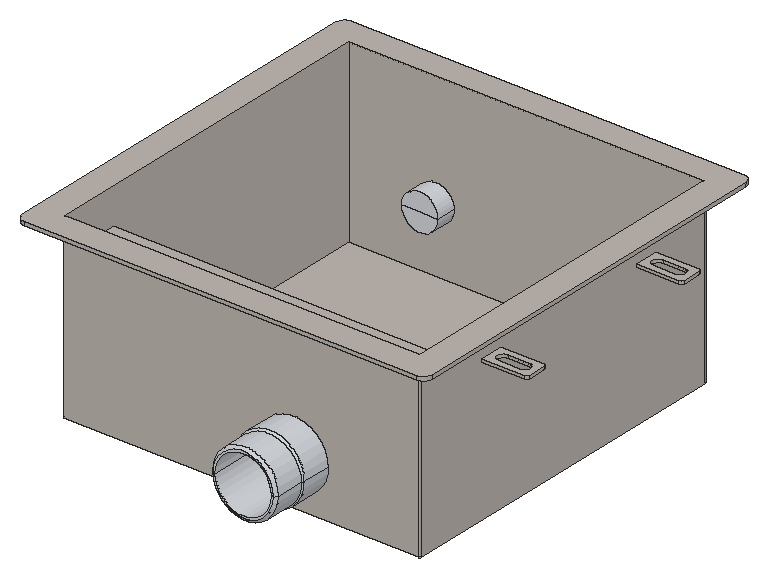
Revit family "MI-DIAL-LD", category Pipe Accessories, host Face, Revit 2018
Family settings
  Host = Face
  Round Connector Dimension = Use Diameter
  Part Type = Normal
  Cut with Voids When Loaded = No
  Shared = No
Parameters
  URL = "www.mifab.com"
  Model = "MI-DIAL-LD"
  Manufacturer = "MIFAB"
  Description = "STAINLESS STEEL SUPPLY & WASTE DIALYSIS BOX WITH ONE VALVE (NO DOOR)"
  Default Elevation = 4' - 0"
Reference planes (in)
  plane 1 "Center (Front/Back)": y = 0
  plane 2: z = 0
  plane 3 "Center (Left/Right)": x = 0
  plane 4: x = -6.875
  plane 5: x = 6.875
  plane 6: y = 6.875
  plane 7: y = -6.875
  plane 8: x = -6
  plane 9: x = 6
  plane 10: y = 6
  plane 11: y = -6
  plane 12: z = 0.03906
  plane 13: x = 0.76141
  plane 14: x = 2.35719
  plane 15: y = 0.09416
  plane 16: y = -0.09416
  plane 17: y = -4.37545
  plane 18: y = 4.3125
  plane 19: x = 1.5601
  plane 20: y = 6.625
  plane 21: y = -3.96094
Forms (in)
  Extrusion 1, solid, material "Box Material"
    sketch origin (0, 0, -4.791) x (1, 0, 0) y (0, 1, 0)
      loop
        arc (-6.875, -6.57732) -> (-6.78781, -6.78781) -> (-6.57732, -6.875) r 0.29768
        line (-6.57732, -6.875) -> (6.57813, -6.875)
        arc (6.57813, -6.875) -> (6.78805, -6.78805) -> (6.875, -6.57813) r 0.29688
        line (6.875, -6.57813) -> (6.875, 6.56627)
        arc (6.875, 6.56627) -> (6.78458, 6.78458) -> (6.56627, 6.875) r 0.30873
        line (6.56627, 6.875) -> (-6.56627, 6.875)
        arc (-6.56627, 6.875) -> (-6.78458, 6.78458) -> (-6.875, 6.56627) r 0.30873
        line (-6.875, 6.56627) -> (-6.875, -6.57732)
      loop
        arc (-5.94945, 6) -> (-5.98519, 5.98519) -> (-6, 5.94945) r 0.05055
        line (-6, 5.94945) -> (-6, -5.94922)
        arc (-6, -5.94922) -> (-5.98513, -5.98513) -> (-5.94922, -6) r 0.05078
        line (-5.94922, -6) -> (5.94922, -6)
        arc (5.94922, -6) -> (5.98513, -5.98513) -> (6, -5.94922) r 0.05078
        line (6, -5.94922) -> (6, 5.94922)
        arc (6, 5.94922) -> (5.98513, 5.98513) -> (5.94922, 6) r 0.05078
        line (5.94922, 6) -> (-5.94945, 6)
    from 5.95175 to 6.0625
  Extrusion 2, solid, material "Box Material"
    sketch origin (0, 0, -4.791) x (1, 0, 0) y (0, 1, 0)
      loop
        arc (6, 5.94922) -> (5.98513, 5.98513) -> (5.94922, 6) r 0.05078
        line (5.94922, 6) -> (-5.94945, 6)
        arc (-5.94945, 6) -> (-5.98519, 5.98519) -> (-6, 5.94945) r 0.05055
        line (-6, 5.94945) -> (-6, -5.94922)
        arc (-6, -5.94922) -> (-5.98513, -5.98513) -> (-5.94922, -6) r 0.05078
        line (-5.94922, -6) -> (5.94922, -6)
        arc (5.94922, -6) -> (5.98513, -5.98513) -> (6, -5.94922) r 0.05078
        line (6, -5.94922) -> (6, 5.94922)
      loop
        line (-5.96094, 5.96156) -> (-5.96094, -5.96094) -> (5.96094, -5.96094) -> (5.96094, 5.96156) -> (-5.96094, 5.96156)
    from 0.03906 to 6.0625
  Extrusion 3, solid, material "Box Material"
    sketch origin (0, 0, -4.791) x (1, 0, 0) y (0, 1, 0)
      loop
        line (-6, 5.94945) -> (-6, -5.94922)
        arc (-6, -5.94922) -> (-5.98513, -5.98513) -> (-5.94922, -6) r 0.05078
        line (-5.94922, -6) -> (5.94922, -6)
        arc (5.94922, -6) -> (5.98513, -5.98513) -> (6, -5.94922) r 0.05078
        line (6, -5.94922) -> (6, 5.94922)
        arc (6, 5.94922) -> (5.98513, 5.98513) -> (5.94922, 6) r 0.05078
        line (5.94922, 6) -> (-5.94945, 6)
        arc (-5.94945, 6) -> (-5.98519, 5.98519) -> (-6, 5.94945) r 0.05055
    from 0 to 0.03906
  Extrusion 4, solid, material "Box Material"
    sketch origin (0, 0, -4.791) x (1, 0, 0) y (0, 1, 0)
      loop
        line (6, 3.84196) -> (6, 3.03435) -> (7.46993, 3.03435)
        arc (7.46993, 3.03435) -> (7.53919, 3.06304) -> (7.56788, 3.1323) r 0.09795
        line (7.56788, 3.1323) -> (7.56788, 3.7443)
        arc (7.56788, 3.7443) -> (7.53928, 3.81335) -> (7.47022, 3.84196) r 0.09766
        line (7.47022, 3.84196) -> (6, 3.84196)
      loop
        arc (7.17644, 3.24703) -> (7.36771, 3.4383) -> (7.17644, 3.62957) r 0.19127
        line (7.17644, 3.62957) -> (6.43294, 3.62957)
        arc (6.43294, 3.62957) -> (6.24167, 3.4383) -> (6.43294, 3.24703) r 0.19127
        line (6.43294, 3.24703) -> (7.17644, 3.24703)
      loop
        line (-6, 3.84196) -> (-7.47022, 3.84196)
        arc (-7.47022, 3.84196) -> (-7.53928, 3.81335) -> (-7.56788, 3.7443) r 0.09766
        line (-7.56788, 3.7443) -> (-7.56788, 3.1323)
        arc (-7.56788, 3.1323) -> (-7.53919, 3.06304) -> (-7.46993, 3.03435) r 0.09795
        line (-7.46993, 3.03435) -> (-6, 3.03435) -> (-6, 3.84196)
      loop
        line (-7.17644, 3.24703) -> (-6.43294, 3.24703)
        arc (-6.43294, 3.24703) -> (-6.24167, 3.4383) -> (-6.43294, 3.62957) r 0.19127
        line (-6.43294, 3.62957) -> (-7.17644, 3.62957)
        arc (-7.17644, 3.62957) -> (-7.36771, 3.4383) -> (-7.17644, 3.24703) r 0.19127
      loop
        line (6, -2.65804) -> (6, -3.46565) -> (7.46993, -3.46565)
        arc (7.46993, -3.46565) -> (7.53919, -3.43696) -> (7.56788, -3.3677) r 0.09795
        line (7.56788, -3.3677) -> (7.56788, -2.7557)
        arc (7.56788, -2.7557) -> (7.53928, -2.68665) -> (7.47022, -2.65804) r 0.09766
        line (7.47022, -2.65804) -> (6, -2.65804)
      loop
        arc (7.17644, -3.25297) -> (7.36771, -3.0617) -> (7.17644, -2.87043) r 0.19127
        line (7.17644, -2.87043) -> (6.43294, -2.87043)
        arc (6.43294, -2.87043) -> (6.24167, -3.0617) -> (6.43294, -3.25297) r 0.19127
        line (6.43294, -3.25297) -> (7.17644, -3.25297)
      loop
        line (-6, -2.65804) -> (-7.47022, -2.65804)
        arc (-7.47022, -2.65804) -> (-7.53928, -2.68665) -> (-7.56788, -2.7557) r 0.09766
        line (-7.56788, -2.7557) -> (-7.56788, -3.3677)
        arc (-7.56788, -3.3677) -> (-7.53919, -3.43696) -> (-7.46993, -3.46565) r 0.09795
        line (-7.46993, -3.46565) -> (-6, -3.46565) -> (-6, -2.65804)
      loop
        line (-7.17644, -3.25297) -> (-6.43294, -3.25297)
        arc (-6.43294, -3.25297) -> (-6.24167, -3.0617) -> (-6.43294, -2.87043) r 0.19127
        line (-6.43294, -2.87043) -> (-7.17644, -2.87043)
        arc (-7.17644, -2.87043) -> (-7.36771, -3.0617) -> (-7.17644, -3.25297) r 0.19127
    from 4.791 to 4.875
  Revolve 5, solid
    sketch origin (-17.5625, 0, -2.541) x (1, 0, 0) y (0, 1, 0)
      loop
        line (15.125, 6.625) -> (14.5138, 6.625) -> (14.5138, 5.30674) -> (15.125, 5.30674) -> (15.125, 6.625)
      axis (14.5138, 5.30674) -> (14.5138, 6.625)
    angle from 0 to 360
  Extrusion 6, solid, material "Box Material"
    sketch origin (0, 0, -4.791) x (1, 0, 0) y (0, 1, 0)
      loop
        line (5.96094, -3.96094) -> (-5.96094, -3.96094) -> (-5.96094, -5.96094) -> (5.96094, -5.96094) -> (5.96094, -3.96094)
    from 4.791 to 4.875
  Extrusion 7, void
    sketch origin (5.94922, 6, -4.791) x (1, 0, 0) y (0, 0, 1)
      loop
        circle (-8.99792, 2.25) r 0.6112
    from 0 to 0.03844
  Extrusion 8, void
    sketch origin (0, 0, 0) x (1, 0, 0) y (0, 1, 0)
      loop
        arc (-5.94945, 6) -> (-5.98519, 5.98519) -> (-6, 5.94945) r 0.05055
        line (-6, 5.94945) -> (-6, -5.94922)
        arc (-6, -5.94922) -> (-5.98513, -5.98513) -> (-5.94922, -6) r 0.05078
        line (-5.94922, -6) -> (5.94922, -6)
        arc (5.94922, -6) -> (5.98513, -5.98513) -> (6, -5.94922) r 0.05078
        line (6, -5.94922) -> (6, 5.94922)
        arc (6, 5.94922) -> (5.98513, 5.98513) -> (5.94922, 6) r 0.05078
        line (5.94922, 6) -> (-5.94945, 6)
    from -4.791 to 0
Cuts and joins
  Extrusion 7 cuts Extrusion 2
  joined: Extrusion 1, Extrusion 2, Extrusion 3
  Extrusion 7 cuts Revolve 5
Dimensions and locks (in)
  equal spacing: plane 4, plane 3 "Center (Left/Right)", plane 5
  plane 4 to plane 5 = 1' - 1 3/4"
  equal spacing: plane 7, plane 1 "Center (Front/Back)", plane 6
  locked: plane 7 to plane 6 at 13.75
  equal spacing: plane 8, plane 3 "Center (Left/Right)", plane 9
  plane 8 to plane 9 = 1' - 0"
  equal spacing: plane 10, plane 1 "Center (Front/Back)", plane 11
  plane 10 to plane 11 = 1' - 0"
  locked: plane 12 to plane 2 at 0.03906
  locked: plane 10 to plane 20 at 0.625
  Extrusion 6 to cut or joined group of Extrusion 1, Extrusion 2, Extrusion 3, Extrusion 7 = 0' - 2"
  aligned and locked: plane 2 to host face
  aligned and locked: level to host face
  aligned and locked: Extrusion 3 sketch curve to Extrusion 2  (x4)
  aligned and locked: Extrusion 7 sketch curve to Revolve 5  (x2)
  aligned and locked: Extrusion 7 to Extrusion 1
  aligned and locked: Extrusion 2 to Extrusion 7
  aligned and locked: Extrusion 8 sketch curve to cut or joined group of Extrusion 1, Extrusion 2, Extrusion 3, Extrusion 7  (x4)
  aligned and locked: Extrusion 8 to Extrusion 3
  aligned and locked: level to Extrusion 8
Automatic sketch dimensions
  host sketch curve to host sketch curve = 8' - 0"  (x2)
  Extrusion 2 sketch curve to Extrusion 2 sketch curve = 0' - 0.01149"
  Extrusion 2 sketch curve to Extrusion 2 sketch curve = 0' - 0 3/256"  (x4)
  Extrusion 2 sketch curve to Extrusion 2 sketch curve = 0' - 0.01234"
  Extrusion 4 sketch curve to Extrusion 4 sketch curve = 0' - 0.29349"  (x4)
  Extrusion 4 sketch curve to Extrusion 4 sketch curve = 0' - 0.29379"  (x4)
  Extrusion 4 sketch curve to Extrusion 4 sketch curve = 0' - 0.09795"  (x3)
  Extrusion 4 sketch curve to Extrusion 4 sketch curve = 0' - 0 25/256"  (x2)
  Extrusion 4 sketch curve to Extrusion 4 sketch curve = 0' - 0.11473"  (x8)
  Extrusion 4 sketch curve to Extrusion 4 sketch curve = 0' - 0.19127"  (x4)
  Extrusion 4 sketch curve to Extrusion 4 sketch curve = 0' - 0"  (x10)
  Revolve 5 sketch curve to Revolve 5 sketch curve = 0' - 0.6112"
  Revolve 5 sketch curve to Revolve 5 sketch curve = 0' - 0"  (x2)
  Extrusion 1 sketch curve to Extrusion 1 sketch curve = 0' - 0.56627"  (x2)
  Extrusion 1 sketch curve to Extrusion 1 sketch curve = 0' - 0.6281"
  Extrusion 1 sketch curve to Extrusion 1 sketch curve = 0' - 0.30873"  (x2)
  Extrusion 1 sketch curve to Extrusion 1 sketch curve = 0' - 0 161/256"
  Extrusion 1 sketch curve to Extrusion 1 sketch curve = 0' - 0.57732"
  Extrusion 1 sketch curve to Extrusion 1 sketch curve = 0' - 0.61705"
  Extrusion 2 sketch curve to Extrusion 2 sketch curve = 0' - 0 5/128"  (x2)
  Extrusion 2 sketch curve to Extrusion 2 sketch curve = 0' - 11.89866"
  Extrusion 2 sketch curve to Extrusion 2 sketch curve = 0' - 11 115/128"
  Extrusion 4 sketch curve to Extrusion 4 sketch curve = 0' - 0.7435"  (x4)
  Extrusion 4 sketch curve to Extrusion 4 sketch curve = 0' - 0.43294"  (x4)
  Extrusion 4 sketch curve to Extrusion 4 sketch curve = 1' - 0"
  Extrusion 4 sketch curve to Extrusion 4 sketch curve = 0' - 5.6924"  (x2)
  Revolve 5 sketch curve to Revolve 5 sketch curve = 0' - 1.31826"
  Revolve 5 sketch curve to Revolve 5 sketch curve = 0' - 0.26185"
  Extrusion 6 sketch curve to Extrusion 6 sketch curve = 0' - 11 59/64"
  Extrusion 6 sketch curve to Extrusion 6 sketch curve = 0' - 2"
  Extrusion 1 sketch curve to plane 4 = 0' - 0"
  plane 7 to Extrusion 1 sketch curve = 0' - 0"
  plane 10 to Extrusion 1 sketch curve = 0' - 0"
  Extrusion 1 sketch curve to plane 11 = 0' - 0"
  Extrusion 1 sketch curve to plane 9 = 0' - 0"
  Extrusion 1 sketch curve to plane 6 = 0' - 0"
  plane 8 to Extrusion 1 sketch curve = 0' - 0.05055"
  Extrusion 1 sketch curve to Extrusion 1 sketch curve = 0' - 0 13/256"
  Extrusion 2 sketch curve to plane 8 = 0' - 0"
  plane 11 to Extrusion 2 sketch curve = 0' - 0"
  Extrusion 4 sketch curve to plane 8 = 0' - 0"
  plane 21 to Extrusion 4 sketch curve = 0' - 0.49529"
  plane 20 to Revolve 5 sketch curve = 0' - 0"
  plane 8 to Revolve 5 sketch curve = 0' - 2.9513"
  Extrusion 6 sketch curve to plane 21 = 0' - 0"
  plane 8 to Extrusion 6 sketch curve = 0' - 0 5/128"
Nested families (in)
  nested 1: "Bottom Con1" at (1.75, -6, -3.166) x (-1, 0, 0) z (0, -1, 0), type "Bottom Con1"
Connectors (in)
  piping at (-3.0487, 6.625, -2.541), diameter 0.5
    settings: on cut or joined group of Revolve 5, Extrusion 7, index 1, connector inside diameter 609.6 mm, connector length 0' - 0", flow factor 0, pipe flow 0.0 L/s, pressure drop 0.0 Pa, fitting loss kfactor 0, connector angle 0.00°, fixture units 0, engagement length 0' - 0", angle of deflection 0.00°, flow configuration 0, flow direction 0, fitting loss method 0, system type 7, joint type 0, gender type 0, connector reference index -1, connector utility 0, adjustable connector no, is connector primary yes, connector description ""
  piping at (1.75, -8.09791, -3.166), diameter 2
    settings: on nested 1, index 2, connector inside diameter 609.6 mm, connector length 0' - 0", flow factor 0, pipe flow 0.0 L/s, pressure drop 0.0 Pa, fitting loss kfactor 0, connector angle 0.00°, fixture units 0, engagement length 0' - 0", angle of deflection 0.00°, flow configuration 0, flow direction 0, fitting loss method 0, system type 7, joint type 0, gender type 0, connector reference index -1, connector utility 0, adjustable connector no, is connector primary no, connector description ""
Definition of nested family "Bottom Con1"
  Parameters (values of type "Bottom Con1")
    Default Elevation = 4' - 0"
  Reference planes (in)
    plane 1 "Center (Front/Back)": y = 0
    plane 2: z = 0
    plane 3 "Center (Left/Right)": x = 0
  Forms (in)
    Extrusion 1, solid
      sketch origin (0, 0, 0) x (1, 0, 0) y (0, 1, 0)
        loop
          line (-48, 48) -> (-48, -48) -> (48, -48) -> (48, 48) -> (-48, 48)
      from 0 to -12
    Revolve 2, solid
      sketch origin (-17.8814, 0, 10.75134) x (1, 0, 0) y (0, 0, -1)
        loop
          line (18.82825, 10.75134) -> (18.82825, 8.65343) -> (18.8939, 8.65343) -> (18.98777, 8.74729) -> (18.98777, 9.68522) -> (19.03824, 9.75729) -> (19.03824, 10.75134) -> (18.82825, 10.75134)
        axis (17.8814, 8.65343) -> (17.8814, 10.75134)
      angle from 0 to 360
  Dimensions and locks (in)
    aligned and locked: plane 2 to Extrusion 1
    aligned and locked: level to Extrusion 1
